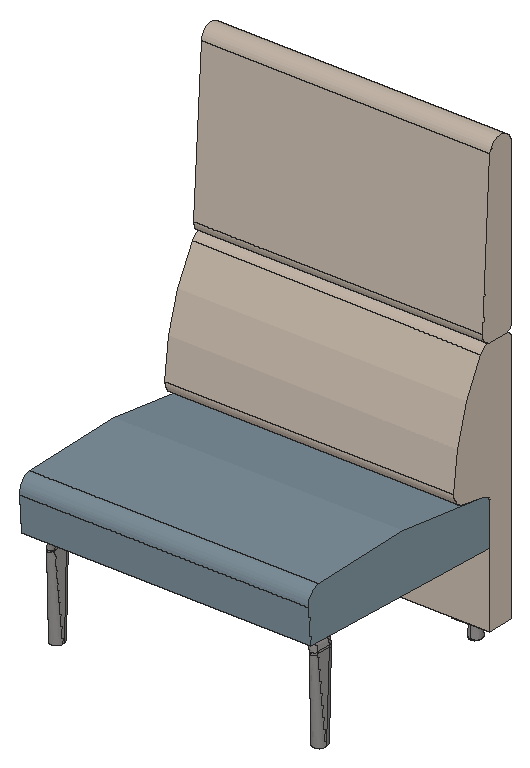
Revit family "FU_Modular_Sandler_Ambit 1041", category Furniture, Revit 2020
Family settings
  OmniClass Number = 23.40.20.00
  OmniClass Title = General Furniture and Specialties
  Work Plane-Based = No
  Always vertical = Yes
  Cut with Voids When Loaded = No
  Shared = No
  Room Calculation Point = No
Parameters (values of type "Ambit 1041")
  Width = 800 mm
  URL = "https://www.sandlerseating.com/product/ambit-1041/"
  Seat [instance] = Fabric - Mainline Flax - Epping MLF51
  Panel [instance] = Fabric - Gravity - Wheat CPC21
  Overall Height = 1270 mm
  Model = "Ambit 1041"
  Manufacturer = "Sandler"
  Back Height = 770 mm
  Frame [instance] = Metal - Paint -AL VR - Pewter
  Description = "Modular seating system. Upholstered seat and back, with feet in cast aluminium."
  Depth = 700 mm
  Default Elevation = 0 mm
  Back [instance] = Fabric - Gravity - Wheat CPC21
Reference planes
  plane 1 "Center (Front/Back)": y = 0
  plane 2: z = 0
  plane 3 "Center (Left/Right)": x = 0
  plane 4 "Right": x = -400
  plane 5 "Left": x = 400
  plane 6 "Back": y = 350
  plane 7 "Front": y = -350
  plane 8 "Back Height": z = 770
  plane 9 "Seat height": z = 430
  plane 10 "Panel Height": z = 1270
Dimensions and locks
  equal spacing: plane 4 "Right", plane 3 "Center (Left/Right)", plane 5 "Left"
  "Width": plane 4 "Right" to plane 5 "Left"
  equal spacing: plane 6 "Back", plane 1 "Center (Front/Back)", plane 7 "Front"
  "Depth": plane 6 "Back" to plane 7 "Front"
  "Back Height": plane 8 "Back Height" to level
  plane 9 "Seat height" to level = 430 mm
  "Overall Height": plane 10 "Panel Height" to level
  aligned and locked: level to plane 2
Nested families
  nested 1: "Ambit Seat" at (0, 0, 0), Frame <- "Frame", Seat <- "Seat", type "Seat 800mm"
    with Seat Fabric - Mainline Flax - Epping MLF51, Frame Metal - Paint -AL VR - Pewter
  nested 2: "Ambit Single-High-Panel" at (0, 0, 0), Panel <- "Panel", type "Ambit Single-High-Panel"
    with Panel Fabric - Gravity - Wheat CPC21
  nested 3: "Ambit SingleBack" at (0, 0, 0), Back <- "Back", Frame <- "Frame", type "Ambit SingleBack"
    with Frame Metal - Paint -AL VR - Pewter, Back Fabric - Gravity - Wheat CPC21
Definition of nested family "Ambit Seat"
  Parameters (values of type "Seat 800mm")
    Width = 800 mm
    URL = ""
    Seat [instance] = none
    Model = ""
    Manufacturer = ""
    Height = 770 mm
    Frame [instance] = none
    Description = "Modular seating system."
    Depth = 700 mm
    Default Elevation = 0 mm
  Types (3, lengths in mm): name | Width
    (no name) | 800
    Seat 800mm | 800
    Seat 1200mm | 1200
  Reference planes
    plane 1 "Center (Front/Back)": y = 0
    plane 2: z = 0
    plane 3 "Center (Left/Right)": x = 0
    plane 4 "Right": x = -400
    plane 5 "Left": x = 400
    plane 6 "Back": y = 350
    plane 7 "Front": y = -350
    plane 8 "Height": z = 770
    plane 9 "Seat height": z = 430
    plane 10 "FFT C RIGHT": z = 285.404
    plane 11 "Frame Left": x = -364
    plane 12 "Frame Right": x = 364
  Forms (mm)
    SweptBlend 1, solid, material <- "Frame"
      path origin (0, -265.648, 0) x (0, 0, -1) y (1, 0, 0)
        loop
          line (0, 364.075) -> (-239.72, 364.075)
      profile "Pro_Ambit_FFoot : Pro_Ambit_FFoot" origin (364.075, -265.648, 0) x (-1, 0, 0) y (0, -1, 0)
        loop
          arc (17.452, 3.305) -> (0, 20.142) -> (-17.452, 3.305) r 17.463
          line (-17.452, 3.305) -> (-17.452, -3.305)
          arc (-17.452, -3.305) -> (0, -20.142) -> (17.452, -3.305) r 17.463
          line (17.452, -3.305) -> (17.452, 3.305)
      end profile "Pro_Ambit_FF : Pro_Ambit_FF" origin (364.075, -265.648, 239.72) x (-1, 0, 0) y (0, -1, 0)
        loop
          arc (-10, -20.066) -> (0, -30.066) -> (10, -20.066) r 10
          line (10, -20.066) -> (10, 20.066)
          arc (10, 20.066) -> (0, 30.066) -> (-10, 20.066) r 10
          line (-10, 20.066) -> (-10, -20.066)
    Sweep 2, solid, material <- "Frame"
      path origin (0, -265.648, 0) x (0, 0, -1) y (1, 0, 0)
        loop
          line (-234.72, -364.14) -> (-239.72, -364.14)
          arc (-239.72, -364.14) -> (-272.419, -345.952) -> (-285.404, -310.86) r 53.912
          line (-285.404, -310.86) -> (-285.404, 310.86)
          arc (-285.404, 310.86) -> (-272.419, 345.952) -> (-239.72, 364.14) r 53.912
          line (-239.72, 364.14) -> (-234.72, 364.14)
      profile "Pro_Ambit_FF : Pro_Ambit_FF" origin (0, -265.648, 285.404) x (0, 0, 1) y (0, -1, 0)
        loop
          arc (-10, -20.066) -> (0, -30.066) -> (10, -20.066) r 10
          line (10, -20.066) -> (10, 20.066)
          arc (10, 20.066) -> (0, 30.066) -> (-10, 20.066) r 10
          line (-10, 20.066) -> (-10, -20.066)
    SweptBlend 3, solid, material <- "Frame"
      path origin (0, -265.648, 0) x (0, 0, -1) y (-1, 0, 0)
        loop
          line (0, 364.075) -> (-239.72, 364.075)
      profile "Pro_Ambit_FFoot : Pro_Ambit_FFoot" origin (-364.075, -265.648, 0) x (-1, 0, 0) y (0, -1, 0)
        loop
          line (-17.452, 3.305) -> (-17.452, -3.305)
          arc (-17.452, -3.305) -> (0, -20.142) -> (17.452, -3.305) r 17.463
          line (17.452, -3.305) -> (17.452, 3.305)
          arc (17.452, 3.305) -> (0, 20.142) -> (-17.452, 3.305) r 17.463
      end profile "Pro_Ambit_FF : Pro_Ambit_FF" origin (-364.075, -265.648, 239.72) x (-1, 0, 0) y (0, -1, 0)
        loop
          line (-10, 20.066) -> (-10, -20.066)
          arc (-10, -20.066) -> (0, -30.066) -> (10, -20.066) r 10
          line (10, -20.066) -> (10, 20.066)
          arc (10, 20.066) -> (0, 30.066) -> (-10, 20.066) r 10
    Extrusion 4, solid, material <- "Seat"
      sketch origin (-400, 0, 0) x (0, -1, 0) y (0, 0, 1)
        loop
          line (343.115, 289.761) -> (350.038, 388.028)
          arc (350.038, 388.028) -> (340.698, 416.645) -> (314.05, 430.647) r 40
          arc (314.05, 430.647) -> (24.831, 435.731) -> (-261.468, 394.425) r 1800.168
          arc (-261.468, 394.425) -> (-272.664, 387.398) -> (-277.031, 374.923) r 20
          line (-277.031, 374.923) -> (-277.031, 260.098) -> (343.115, 289.761)
      from -800 to 0
  Dimensions and locks
    equal spacing: plane 4 "Right", plane 3 "Center (Left/Right)", plane 5 "Left"
    "Width": plane 4 "Right" to plane 5 "Left"
    equal spacing: plane 6 "Back", plane 1 "Center (Front/Back)", plane 7 "Front"
    "Depth": plane 6 "Back" to plane 7 "Front"
    "Height": plane 8 "Height" to level
    plane 9 "Seat height" to level = 430 mm
    locked: plane 4 "Right" to plane 11 "Frame Left" at 36
    locked: plane 12 "Frame Right" to plane 5 "Left" at 36
    aligned and locked: level to plane 2
    aligned and locked: plane 4 "Right" to Extrusion 4
    aligned and locked: Extrusion 4 to plane 5 "Left"
  Automatic sketch dimensions
    SweptBlend 1 sketch curve to level = 0 mm
    SweptBlend 1 sketch curve to plane 10 "FFT C RIGHT" = 45.683 mm
    Sweep 2 sketch curve to plane 10 "FFT C RIGHT" = 0 mm
    Sweep 2 sketch curve to plane 10 "FFT C RIGHT" = 45.683 mm  (x2)
    Sweep 2 sketch curve to plane 10 "FFT C RIGHT" = 53.912 mm  (x2)
    Sweep 2 sketch curve to plane 4 "Right" = 89.14 mm
    Sweep 2 sketch curve to Sweep 2 sketch curve = 5 mm  (x2)
    SweptBlend 3 sketch curve to level = 0 mm
    plane 4 "Right" to SweptBlend 3 sketch curve = 35.925 mm
    plane 10 "FFT C RIGHT" to SweptBlend 3 sketch curve = 45.683 mm
    Extrusion 4 sketch curve to Extrusion 4 sketch curve = 20 mm
    plane 7 "Front" to Extrusion 4 sketch curve = 39.864 mm
    plane 7 "Front" to Extrusion 4 sketch curve = 6.885 mm
    Extrusion 4 sketch curve to plane 7 "Front" = 0.038 mm
    Extrusion 4 sketch curve to level = 1360.883 mm
    Extrusion 4 sketch curve to plane 10 "FFT C RIGHT" = 25.306 mm
    plane 10 "FFT C RIGHT" to Extrusion 4 sketch curve = 4.357 mm
    Extrusion 4 sketch curve to plane 9 "Seat height" = 55.077 mm
    Extrusion 4 sketch curve to plane 9 "Seat height" = 41.972 mm
    Extrusion 4 sketch curve to plane 9 "Seat height" = 39.161 mm
    Extrusion 4 sketch curve to Extrusion 4 sketch curve = 0 mm
    plane 5 "Left" to SweptBlend 1 sketch curve = 35.925 mm
    plane 5 "Left" to Sweep 2 sketch curve = 89.14 mm
    Extrusion 4 sketch curve to plane 6 "Back" = 92.969 mm
    plane 1 "Center (Front/Back)" to Extrusion 4 sketch curve = 137.907 mm
Definition of nested family "Ambit Single-High-Panel"
  Parameters (values of type "Ambit Single-High-Panel")
    Width = 800 mm
    URL = ""
    Panel [instance] = none
    Overall Height = 1270 mm
    Model = ""
    Manufacturer = ""
    Back Height = 770 mm
    Description = "Modular seating system."
    Depth = 700 mm
    Default Elevation = 0 mm
  Reference planes
    plane 1 "Center (Front/Back)": y = 0
    plane 2: z = 0
    plane 3 "Center (Left/Right)": x = 0
    plane 4 "Right": x = -400
    plane 5 "Left": x = 400
    plane 6 "Back": y = 350
    plane 7 "Front": y = -350
    plane 8 "Back Height": z = 770
    plane 9 "Seat height": z = 430
    plane 10 "Panel Height": z = 1270
  Forms (mm)
    Extrusion 1, solid, material <- "Panel"
      sketch origin (400, 0, 0) x (0, -1, 0) y (0, 0, 1)
        loop
          line (-350, 1237.462) -> (-350, 785)
          arc (-350, 785) -> (-345.607, 774.393) -> (-335, 770) r 15
          line (-335, 770) -> (-282.35, 770)
          arc (-282.35, 770) -> (-260.968, 778.956) -> (-252.353, 800.477) r 30
          arc (-252.353, 800.477) -> (-260.67, 1019.26) -> (-278.638, 1237.462) r 4957.952
          arc (-278.638, 1237.462) -> (-314.319, 1269.605) -> (-350, 1237.462) r 35.876
      from 0 to 800
  Dimensions and locks
    equal spacing: plane 4 "Right", plane 3 "Center (Left/Right)", plane 5 "Left"
    "Width": plane 4 "Right" to plane 5 "Left"
    equal spacing: plane 6 "Back", plane 1 "Center (Front/Back)", plane 7 "Front"
    "Depth": plane 6 "Back" to plane 7 "Front"
    "Back Height": plane 8 "Back Height" to level
    plane 9 "Seat height" to level = 430 mm
    "Overall Height": plane 10 "Panel Height" to level
    aligned and locked: level to plane 2
  Automatic sketch dimensions
    Extrusion 1 sketch curve to plane 6 "Back" = 0 mm
    Extrusion 1 sketch curve to plane 8 "Back Height" = 0 mm
    Extrusion 1 sketch curve to plane 8 "Back Height" = 48.425 mm
    plane 6 "Back" to Extrusion 1 sketch curve = 4859.678 mm
    Extrusion 1 sketch curve to plane 6 "Back" = 15 mm
    plane 8 "Back Height" to Extrusion 1 sketch curve = 30 mm
    Extrusion 1 sketch curve to plane 10 "Panel Height" = 36.271 mm
    Extrusion 1 sketch curve to plane 10 "Panel Height" = 32.538 mm
    Extrusion 1 sketch curve to Extrusion 1 sketch curve = 0 mm
    Extrusion 1 sketch curve to plane 6 "Back" = 35.681 mm
    Extrusion 1 sketch curve to Extrusion 1 sketch curve = 52.65 mm
Definition of nested family "Ambit SingleBack"
  Parameters (values of type "Ambit SingleBack")
    Width = 800 mm
    URL = ""
    Model = ""
    Manufacturer = ""
    Height = 770 mm
    Frame [instance] = none
    Description = "Modular seating system."
    Depth = 700 mm
    Default Elevation = 0 mm
    Back [instance] = none
  Reference planes
    plane 1 "Center (Front/Back)": y = 0
    plane 2: z = 0
    plane 3 "Center (Left/Right)": x = 0
    plane 4 "Right": x = -400
    plane 5 "Left": x = 400
    plane 6 "Back": y = 350
    plane 7 "Front": y = -350
    plane 8 "Height": z = 770
    plane 9 "Seat height": z = 430
    plane 10 "B Leg C RIGHT": y = 313.961
    plane 11 "BL C TOP": x = 331.016
    plane 12 "BL Top RIGHT": z = 51.603
  Forms (mm)
    Revolve 1, solid, material <- "Frame"
      sketch origin (331.016, 0, 0) x (0, 1, 0) y (0, 0, 1)
        loop
          line (299.423, 40.637) -> (296.57, 2.1)
          arc (296.57, 2.1) -> (296.901, 0.817) -> (297.944, 0) r 2.065
          line (297.944, 0) -> (313.961, 0) -> (313.961, 48.022) -> (294.441, 48.022) -> (294.441, 46.076)
          arc (294.441, 46.076) -> (298.107, 44.432) -> (299.423, 40.637) r 5.065
        axis (313.961, 48.022) -> (313.961, 0)
      angle from 0 to 360
    Extrusion 2, solid, material <- "Frame"
      sketch origin (0, 0, 51.603) x (0, -1, 0) y (1, 0, 0)
        loop
          arc (-342.852, 290.046) -> (-342.258, 288.613) -> (-340.824, 288.019) r 2.027
          line (-340.824, 288.019) -> (-286.875, 288.019)
          arc (-286.875, 288.019) -> (-285.444, 288.611) -> (-284.852, 290.042) r 2.023
          line (-284.852, 290.042) -> (-284.852, 372.037)
          arc (-284.852, 372.037) -> (-285.431, 373.436) -> (-286.83, 374.016) r 1.978
          line (-286.83, 374.016) -> (-340.837, 374.016)
          arc (-340.837, 374.016) -> (-342.262, 373.426) -> (-342.852, 372.001) r 2.015
          line (-342.852, 372.001) -> (-342.852, 290.046)
      from -5.528 to 0
    Revolve 3, solid, material <- "Frame"
      sketch origin (-331.016, 0, 0) x (0, 1, 0) y (0, 0, -1)
        loop
          arc (299.423, -40.637) -> (298.107, -44.432) -> (294.441, -46.076) r 5.065
          line (294.441, -46.076) -> (294.441, -48.022) -> (313.961, -48.022) -> (313.961, 0) -> (297.944, 0)
          arc (297.944, 0) -> (296.901, -0.817) -> (296.57, -2.1) r 2.065
          line (296.57, -2.1) -> (299.423, -40.637)
        axis (313.961, -48.022) -> (313.961, 0)
      angle from 0 to 360
    Extrusion 4, solid, material <- "Frame"
      sketch origin (0, 0, 51.603) x (0, -1, 0) y (1, 0, 0)
        loop
          line (-342.852, -290.046) -> (-342.852, -372.001)
          arc (-342.852, -372.001) -> (-342.262, -373.426) -> (-340.837, -374.016) r 2.015
          line (-340.837, -374.016) -> (-286.83, -374.016)
          arc (-286.83, -374.016) -> (-285.431, -373.436) -> (-284.852, -372.037) r 1.978
          line (-284.852, -372.037) -> (-284.852, -290.042)
          arc (-284.852, -290.042) -> (-285.444, -288.611) -> (-286.875, -288.019) r 2.023
          line (-286.875, -288.019) -> (-340.824, -288.019)
          arc (-340.824, -288.019) -> (-342.258, -288.613) -> (-342.852, -290.046) r 2.027
      from -5.528 to 0
    Extrusion 5, solid, material <- "Back"
      sketch origin (400, 0, 0) x (0, -1, 0) y (0, 0, 1)
        loop
          line (-276.986, 51.603) -> (-276.986, 376.265)
          arc (-276.986, 376.265) -> (-272.236, 387.916) -> (-261.468, 394.425) r 20
          arc (-261.468, 394.425) -> (-221.889, 402.963) -> (-182.128, 410.609) r 1800.168
          arc (-182.128, 410.609) -> (-161.146, 423.03) -> (-153.367, 446.139) r 35
          arc (-153.367, 446.139) -> (-179.881, 606.219) -> (-247.561, 753.69) r 611.524
          arc (-247.561, 753.69) -> (-260.259, 765.652) -> (-277.153, 770) r 35
          line (-277.153, 770) -> (-330, 770)
          arc (-330, 770) -> (-344.142, 764.142) -> (-350, 750) r 20
          line (-350, 750) -> (-350, 51.603) -> (-276.986, 51.603)
      from 0 to 800
  Cuts and joins
    joined: Revolve 1, Extrusion 2
  Dimensions and locks
    equal spacing: plane 4 "Right", plane 3 "Center (Left/Right)", plane 5 "Left"
    "Width": plane 4 "Right" to plane 5 "Left"
    equal spacing: plane 6 "Back", plane 1 "Center (Front/Back)", plane 7 "Front"
    "Depth": plane 6 "Back" to plane 7 "Front"
    "Height": plane 8 "Height" to level
    plane 9 "Seat height" to level = 430 mm
    aligned and locked: level to plane 2
  Automatic sketch dimensions
    Revolve 1 sketch curve to level = 0 mm
    Revolve 1 sketch curve to plane 10 "B Leg C RIGHT" = 0 mm  (x2)
    Revolve 1 sketch curve to plane 10 "B Leg C RIGHT" = 14.538 mm
    level to Revolve 1 sketch curve = 1.947 mm
    Revolve 1 sketch curve to plane 10 "B Leg C RIGHT" = 15.332 mm
    Revolve 1 sketch curve to Revolve 1 sketch curve = 0.686 mm
    level to Revolve 1 sketch curve = 2.1 mm
    Revolve 1 sketch curve to Revolve 1 sketch curve = 4.982 mm
    Revolve 1 sketch curve to Revolve 1 sketch curve = 0.069 mm
    Revolve 1 sketch curve to plane 12 "BL Top RIGHT" = 10.966 mm
    Revolve 1 sketch curve to Revolve 1 sketch curve = 0.374 mm
    Revolve 1 sketch curve to plane 12 "BL Top RIGHT" = 3.581 mm
    Revolve 1 sketch curve to level = 4.899 mm
    plane 12 "BL Top RIGHT" to Revolve 1 sketch curve = 1.419 mm
    Extrusion 2 sketch curve to plane 6 "Back" = 7.148 mm
    Extrusion 2 sketch curve to Extrusion 2 sketch curve = 2.015 mm
    Extrusion 2 sketch curve to Extrusion 2 sketch curve = 2.027 mm
    Extrusion 2 sketch curve to plane 10 "B Leg C RIGHT" = 27.087 mm
    Extrusion 2 sketch curve to plane 10 "B Leg C RIGHT" = 27.131 mm
    Extrusion 2 sketch curve to Extrusion 2 sketch curve = 2.023 mm
    Extrusion 2 sketch curve to plane 11 "BL C TOP" = 42.997 mm
    plane 5 "Left" to Extrusion 2 sketch curve = 27.999 mm
    Revolve 3 sketch curve to level = 0 mm
    Revolve 3 sketch curve to plane 10 "B Leg C RIGHT" = 0 mm  (x2)
    Revolve 3 sketch curve to plane 10 "B Leg C RIGHT" = 14.538 mm
    level to Revolve 3 sketch curve = 1.947 mm
    Revolve 3 sketch curve to plane 10 "B Leg C RIGHT" = 15.332 mm
    Revolve 3 sketch curve to Revolve 3 sketch curve = 0.686 mm
    level to Revolve 3 sketch curve = 2.1 mm
    Revolve 3 sketch curve to Revolve 3 sketch curve = 4.982 mm
    Revolve 3 sketch curve to Revolve 3 sketch curve = 0.069 mm
    Revolve 3 sketch curve to plane 12 "BL Top RIGHT" = 10.966 mm
    Revolve 3 sketch curve to Revolve 3 sketch curve = 0.374 mm
    Revolve 3 sketch curve to Revolve 3 sketch curve = 1.946 mm
    plane 12 "BL Top RIGHT" to Revolve 3 sketch curve = 1.419 mm
    Revolve 3 sketch curve to level = 4.899 mm
    plane 6 "Back" to Extrusion 4 sketch curve = 7.148 mm
    Extrusion 4 sketch curve to Extrusion 4 sketch curve = 2.015 mm
    Extrusion 4 sketch curve to Extrusion 4 sketch curve = 2.027 mm
    plane 10 "B Leg C RIGHT" to Extrusion 4 sketch curve = 27.087 mm
    plane 10 "B Leg C RIGHT" to Extrusion 4 sketch curve = 27.131 mm
    Extrusion 4 sketch curve to Extrusion 4 sketch curve = 2.023 mm
    plane 4 "Right" to Extrusion 4 sketch curve = 111.981 mm
    plane 4 "Right" to Extrusion 4 sketch curve = 27.999 mm
    Extrusion 5 sketch curve to plane 6 "Back" = 0 mm
    Extrusion 5 sketch curve to plane 8 "Height" = 0 mm
    Extrusion 5 sketch curve to plane 12 "BL Top RIGHT" = 0 mm
    Extrusion 5 sketch curve to plane 9 "Seat height" = 2.863 mm
    plane 6 "Back" to Extrusion 5 sketch curve = 414.596 mm
    plane 10 "B Leg C RIGHT" to Extrusion 5 sketch curve = 16.039 mm
    Extrusion 5 sketch curve to plane 10 "B Leg C RIGHT" = 36.808 mm
    Extrusion 5 sketch curve to plane 10 "B Leg C RIGHT" = 36.975 mm
    Extrusion 5 sketch curve to Extrusion 5 sketch curve = 19.955 mm
    plane 9 "Seat height" to Extrusion 5 sketch curve = 15.052 mm
    Extrusion 5 sketch curve to Extrusion 5 sketch curve = 68.681 mm
    Extrusion 5 sketch curve to level = 1360.883 mm
    Extrusion 5 sketch curve to plane 9 "Seat height" = 55.077 mm
    Extrusion 5 sketch curve to Extrusion 5 sketch curve = 1.342 mm
    Extrusion 5 sketch curve to Extrusion 5 sketch curve = 35 mm
    Extrusion 5 sketch curve to Extrusion 5 sketch curve = 0 mm  (x3)
    plane 1 "Center (Front/Back)" to Extrusion 5 sketch curve = 137.907 mm
